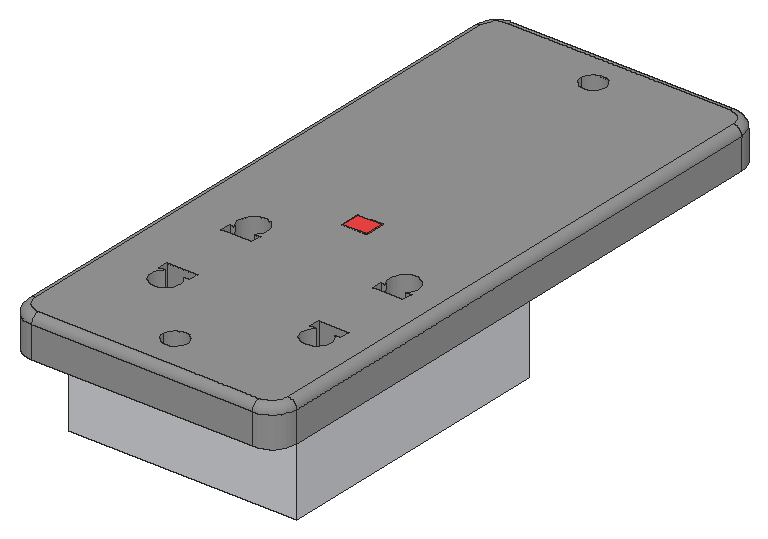
Revit family "ElectricalFixture_WiringAccessories_Hager_Sollysta_ShaverSocket", category Electrical Fixtures, host Face, Revit 2015
Parameters (values of type "WMSO100")
  Warranty ID = ""
  Voltage (Volts) = "230V/240V"
  Unique Reference = "WMSO100"
  Type = "ElectricalFixture"
  Technical Description = Description  # "115/230VoltShaverOutlet"
  Switch = yes
  Supply Phase = "1"
  Size = ""
  Shipping Weight kg = "0.188"
  Shape = "Rectangular"
  Reference Standard = "BS 1363-2"
  Product URL = "http://www.hager.co.uk/product-catalogue/wiring-accessories/sollysta/white-moulded/white-moulded-sockets/58428.htm"
  Product Range = "Sollysta"
  Product Model Number = "WMSO100"
  Product Literature = "http://www.hager.co.uk/product-catalogue/wiring-accessories/sollysta/38662.htm"
  Product Group = "WiringAccessories"
  Product Family = "WhiteMouldedSockets_ShaverSocket"
  Packaging Recyclable = yes
  Overall Width = 86.0 mm
  Overall Length = 65.0 mm
  Overall Height = 146.0 mm
  Overall Depth = 26.07 mm
  Operation and Maintenance Manual = ""
  Name = "WhiteMouldedSocket_WMSO100"
  Measurement Units = "mm"
  Material = Urea Formaldehyde Thermoset Plastic
  Manufacturer Website = "http://www.hager.co.uk/"
  Manufacturer Country = "United Kingdom"
  Manufacturer = "Hager"
  LED Indicator Switch = yes
  Gross Weight kg = "0.165"
  Frequency = "50/60Hz"
  Finish = "Gloss"
  Features = Description  # "115/230VoltShaverOutlet"
  Extrusion From Wall = 12.61 mm
  Expected Life = "25 years"
  EAN Code = "5015652261728"
  Distance From Edge = 63.59 mm
  Distance From Centre = 22.393 mm
  Design Country = "China"
  Description = "115/230VoltShaverOutlet"
  Default Elevation = 1219.2 mm
  Colour = "SollystaWhite"
  CE Approval = yes
Types (3, lengths in mm): name | Unique Reference | Technical Description | Product Model Number | Product Family | Name | Features | EAN Code | Description
  WMCC50 | "WMSS82" | "2GangDoublePoleSwitchedSocketDualEarth" | "WMSS82" | "WhiteMoldedSockets" | "WhiteMoldedSocket_WMSS82" | "2GangDoublePoleSwitchedSocketDualEarth" | "5015652261117" | "2GangDoublePoleSwitchedSocketDualEarth"
  WMSO100 | "WMSO100" | "115/230VoltShaverOutlet" | "WMSO100" | "WhiteMouldedSockets_ShaverSocket" | "WhiteMouldedSocket_WMSO100" | "115/230VoltShaverOutlet" | "5015652261728" | "115/230VoltShaverOutlet"
  WMCC50N | "WMSS82" | "2GangDoublePoleSwitchedSocketDualEarth" | "WMSS82" | "WhiteMoldedSockets" | "WhiteMoldedSocket_WMSS82" | "2GangDoublePoleSwitchedSocketDualEarth" | "5015652261117" | "2GangDoublePoleSwitchedSocketDualEarth"
Reference planes
  plane 1 "Center (Front/Back)": y = 0
  plane 2: z = 0
  plane 3 "Center (Left/Right)": x = 0
  plane 4: y = -73
  plane 5: y = 73
  plane 6: x = -32.5
  plane 7: x = 32.5
  plane 8: z = 9.47
  plane 9: z = -16.6
  plane 10: z = 12.61
  plane 11: y = -471.393
  plane 12: z = -20.53
  plane 13: y = -63
  plane 14: y = 63
Forms (mm)
  Sweep 1, void
    path origin (0, 0, 0) x (1, 0, 0) y (0, 1, 0)
      loop
        arc (26.646, -73) -> (30.785, -71.285) -> (32.5, -67.146) r 5.854
        line (32.5, -67.146) -> (32.5, 67.146)
        arc (32.5, 67.146) -> (30.785, 71.285) -> (26.646, 73) r 5.854
        line (26.646, 73) -> (-26.646, 73)
        arc (-26.646, 73) -> (-30.785, 71.285) -> (-32.5, 67.146) r 5.854
        line (-32.5, 67.146) -> (-32.5, -67.146)
        arc (-32.5, -67.146) -> (-30.785, -71.285) -> (-26.646, -73) r 5.854
        line (-26.646, -73) -> (26.646, -73)
    profile origin (0, -73, 0) x (0, -1, 0) y (0, 0, 1)
      loop
        line (0, 9.47) -> (-2, 9.47)
        arc (-2, 9.47) -> (-0.586, 8.884) -> (0, 7.47) r 2
        line (0, 7.47) -> (0, 9.47)
  Extrusion 2, solid, material "Urea Formaldehyde Thermoset Plastic", detail levels medium
    sketch origin (0, 0, 0) x (1, 0, 0) y (0, 1, 0)
      loop
        line (-32.5, 73) -> (-32.5, -73) -> (32.5, -73) -> (32.5, 73) -> (-32.5, 73)
    from 0 to 9.47
  Extrusion 3, solid, material "Urea Formaldehyde Thermoset Plastic", detail levels medium+fine
    sketch origin (0, 0, 0) x (1, 0, 0) y (0, 1, 0)
      loop
        line (-32.5, 67.146) -> (-32.5, -67.146)
        arc (-32.5, -67.146) -> (-30.785, -71.285) -> (-26.646, -73) r 5.854
        line (-26.646, -73) -> (26.646, -73)
        arc (26.646, -73) -> (30.785, -71.285) -> (32.5, -67.146) r 5.854
        line (32.5, -67.146) -> (32.5, 67.146)
        arc (32.5, 67.146) -> (30.785, 71.285) -> (26.646, 73) r 5.854
        line (26.646, 73) -> (-26.646, 73)
        arc (-26.646, 73) -> (-30.785, 71.285) -> (-32.5, 67.146) r 5.854
      loop
        circle (0, 63) r 3
      loop
        circle (0, -63) r 3
      loop
        arc (-13.375, -22.314) -> (-15.793, -16.263) -> (-18.138, -22.342) r 3.5
        line (-18.138, -22.342) -> (-19.487, -22.342) -> (-19.487, -24.842) -> (-12.06, -24.842) -> (-12.06, -22.314) -> (-13.375, -22.314)
      loop
        line (-13.375, -43.688) -> (-12.06, -43.688) -> (-12.06, -41.159) -> (-19.487, -41.159) -> (-19.487, -43.659) -> (-18.138, -43.659)
        arc (-18.138, -43.659) -> (-15.793, -49.739) -> (-13.375, -43.688) r 3.5
      loop
        line (18.088, -22.024) -> (16.772, -22.024) -> (16.772, -24.553) -> (24.2, -24.553) -> (24.2, -22.053) -> (22.85, -22.053)
        arc (22.85, -22.053) -> (20.505, -15.974) -> (18.088, -22.024) r 3.5
      loop
        arc (18.088, -43.399) -> (20.505, -49.449) -> (22.85, -43.37) r 3.5
        line (22.85, -43.37) -> (24.2, -43.37) -> (24.2, -40.87) -> (16.772, -40.87) -> (16.772, -43.399) -> (18.088, -43.399)
      loop
        line (-3, -9.095) -> (3, -9.095) -> (3, -4.095) -> (-3, -4.095) -> (-3, -9.095)
    from 0 to 9.47
  Extrusion 4, solid, material "LED Indicator", detail levels fine
    sketch origin (0, 0, 0) x (1, 0, 0) y (0, 1, 0)
      loop
        line (-3, -9.095) -> (3, -9.095) -> (3, -4.095) -> (-3, -4.095) -> (-3, -9.095)
    from 0 to 9.47
  Extrusion 5, solid
    sketch origin (0, 0, 0) x (1, 0, 0) y (0, 1, 0)
      loop
        line (-26.991, -61.302) -> (28.009, -61.302) -> (28.009, 8.698) -> (-26.991, 8.698) -> (-26.991, -61.302)
    from -20.53 to 0
Cuts and joins
  Sweep 1 cuts Extrusion 3
Lines and regions (mm)
  symbolic lines, style "ElectricalFixtures", not visible, detail levels coarse
    curve 1: line (73.42, -504.912, 19.451) -> (3.42, -504.912, 19.451)
    curve 2: arc (73.42, -504.912, 19.451) -> (38.42, -504.912, 54.451) -> (3.42, -504.912, 19.451) r 35
    curve 3: circle (38.42, -504.912, 54.451) r 6 normal (0, 1, 0)
    curve 4: line (38.42, -504.912, 54.451) -> (38.42, -504.912, 99.451)
    curve 5: line (38.42, -504.912, 99.451) -> (68.42, -504.912, 99.451)
    curve 6: line (38.42, -504.912, 54.451) -> (10.78, -504.912, 87.391)
    curve 7: line (10.78, -504.912, 87.391) -> (-3.315, -504.912, 75.564)
    curve 8: line (0.509, -504.912, 19.451) -> (-69.491, -504.912, 19.451)
    curve 9: arc (0.509, -504.912, 19.451) -> (-34.491, -504.912, 54.451) -> (-69.491, -504.912, 19.451) r 35
    curve 10: circle (-34.491, -504.912, 54.451) r 6 normal (0, 1, 0)
    curve 11: line (-34.491, -504.912, 54.451) -> (-34.491, -504.912, 99.451)
    curve 12: line (-34.491, -504.912, 99.451) -> (-4.491, -504.912, 99.451)
    curve 13: line (-34.491, -504.912, 54.451) -> (-62.13, -504.912, 87.391)
    curve 14: line (-62.13, -504.912, 87.391) -> (-76.226, -504.912, 75.564)
  model lines
    curve 15: line (-32.5, 67.146, 0) -> (-32.5, -67.146, 0)
    curve 16: line (-26.646, -73, 0) -> (26.646, -73, 0)
    curve 17: arc (-32.5, -67.146, 0) -> (-30.785, -71.285, 0) -> (-26.646, -73, 0) r 5.854
    curve 18: arc (-26.646, 73, 0) -> (-30.785, 71.285, 0) -> (-32.5, 67.146, 0) r 5.854
    curve 19: line (26.646, 73, 0) -> (-26.646, 73, 0)
    curve 20: arc (32.5, 67.146, 0) -> (30.785, 71.285, 0) -> (26.646, 73, 0) r 5.854
    curve 21: line (32.5, -67.146, 0) -> (32.5, 67.146, 0)
    curve 22: arc (26.646, -73, 0) -> (30.785, -71.285, 0) -> (32.5, -67.146, 0) r 5.854
    curve 23: arc (-13.375, -43.688, 0) -> (-15.793, -49.739, 0) -> (-18.138, -43.659, 0) r 3.5
    curve 24: line (-19.487, -41.159, 0) -> (-12.06, -41.159, 0)
    curve 25: line (-12.06, -41.159, 0) -> (-12.06, -43.688, 0)
    curve 26: line (-12.06, -43.688, 0) -> (-13.375, -43.688, 0)
    curve 27: arc (-13.375, -43.688, 0) -> (-15.793, -49.739, 0) -> (-18.138, -43.659, 0) r 3.5
    curve 28: line (-18.138, -43.659, 0) -> (-19.487, -43.659, 0)
    curve 29: line (-19.487, -43.659, 0) -> (-19.487, -41.159, 0)
    curve 30: line (16.772, -40.87, 0) -> (24.2, -40.87, 0)
    curve 31: line (24.2, -40.87, 0) -> (24.2, -43.37, 0)
    curve 32: line (24.2, -43.37, 0) -> (22.85, -43.37, 0)
    curve 33: arc (22.85, -43.37, 0) -> (20.505, -49.449, 0) -> (18.088, -43.399, 0) r 3.5
    curve 34: line (18.088, -43.399, 0) -> (16.772, -43.399, 0)
    curve 35: line (16.772, -43.399, 0) -> (16.772, -40.87, 0)
    curve 36: line (24.2, -24.553, 0) -> (16.772, -24.553, 0)
    curve 37: line (16.772, -24.553, 0) -> (16.772, -22.024, 0)
    curve 38: line (16.772, -22.024, 0) -> (18.088, -22.024, 0)
    curve 39: arc (18.088, -22.024, 0) -> (20.505, -15.974, 0) -> (22.85, -22.053, 0) r 3.5
    curve 40: line (22.85, -22.053, 0) -> (24.2, -22.053, 0)
    curve 41: line (24.2, -22.053, 0) -> (24.2, -24.553, 0)
    curve 42: line (-12.06, -24.842, 0) -> (-19.487, -24.842, 0)
    curve 43: line (-19.487, -24.842, 0) -> (-19.487, -22.342, 0)
    curve 44: line (-19.487, -22.342, 0) -> (-18.138, -22.342, 0)
    curve 45: arc (-18.138, -22.342, 0) -> (-15.793, -16.263, 0) -> (-13.375, -22.314, 0) r 3.5
    curve 46: line (-13.375, -22.314, 0) -> (-12.06, -22.314, 0)
    curve 47: line (-12.06, -22.314, 0) -> (-12.06, -24.842, 0)
    curve 52: arc (3, 63, 0) -> (0, 60, 0) -> (-3, 63, 0) r 3
    curve 53: arc (-3, 63, 0) -> (0, 66, 0) -> (3, 63, 0) r 3
    curve 54: arc (3, -63, 0) -> (0, -66, 0) -> (-3, -63, 0) r 3
    curve 55: arc (-3, -63, 0) -> (0, -60, 0) -> (3, -63, 0) r 3
  model lines, detail levels fine
    curve 48: line (-3, -9.095, 0) -> (3, -9.095, 0)
    curve 49: line (3, -9.095, 0) -> (3, -4.095, 0)
    curve 50: line (3, -4.095, 0) -> (-3, -4.095, 0)
    curve 51: line (-3, -4.095, 0) -> (-3, -9.095, 0)
Dimensions and locks
  plane 10 to plane 9 = 29.21 mm
  plane 8 to plane 9 = 26.07 mm
  plane 2 to plane 9 = 16.6 mm
  "Overall Length": plane 6 to plane 7
  "Overall Height": plane 4 to plane 5
  "Overall Depth": plane 9 to plane 8
  "Extrusion From Wall": plane 2 to plane 10
  plane 8 to plane 12 = 30.0 mm
  equal spacing: plane 4, plane 1 "Center (Front/Back)", plane 5
  equal spacing: plane 6, plane 3 "Center (Left/Right)", plane 7
  aligned and locked: plane 2 to host face
  aligned and locked: level to host face
  aligned and locked: Sweep 1 sketch curve to plane 4
  aligned and locked: Sweep 1 sketch curve to plane 6
  aligned and locked: Sweep 1 sketch curve to plane 5
  aligned and locked: Sweep 1 sketch curve to plane 7
  aligned and locked: Extrusion 2 sketch curve to plane 6
  aligned and locked: Extrusion 2 sketch curve to plane 4
  aligned and locked: Extrusion 2 sketch curve to plane 7
  aligned and locked: Extrusion 2 sketch curve to plane 5
  aligned and locked: Extrusion 2 to plane 8
  aligned and locked: Extrusion 2 to level
  aligned and locked: plane 7 to curve 21
  aligned and locked: Extrusion 3 sketch curve to plane 6
  aligned and locked: Extrusion 3 sketch curve to plane 4
  aligned and locked: Extrusion 3 sketch curve to plane 7
  aligned and locked: Extrusion 3 sketch curve to plane 5
  aligned and locked: Extrusion 3 to plane 8
  aligned and locked: Extrusion 3 sketch curve to Extrusion 4  (x4)
  aligned and locked: cut or joined group of Sweep 1, Extrusion 3 to Extrusion 4
  aligned and locked: curve 23 to cut or joined group of Sweep 1, Extrusion 3
  aligned and locked: plane 12 to Extrusion 5
  aligned and locked: level to Extrusion 5
Automatic sketch dimensions
  host sketch curve to host sketch curve = 2438.4 mm  (x2)
  plane 5 to Sweep 1 sketch curve = 5.854 mm  (x2)
  plane 6 to Sweep 1 sketch curve = 5.854 mm
  Sweep 1 sketch curve to plane 4 = 5.854 mm
  Sweep 1 sketch curve to profile plane = 0.0 mm
  level to Sweep 1 sketch curve = 7.47 mm
  Sweep 1 sketch curve to Sweep 1 sketch curve = 2.0 mm
  curve 15 to plane 6 = 0.0 mm
  plane 4 to curve 16 = 0.0 mm
  plane 5 to curve 18 = 0.0 mm
  curve 17 to plane 4 = 5.854 mm
  plane 5 to curve 18 = 5.854 mm
  curve 20 to curve 20 = 5.854 mm
  curve 22 to plane 4 = 5.854 mm
  Extrusion 4 sketch curve to plane 3 "Center (Left/Right)" = 3.0 mm
  Extrusion 4 sketch curve to Extrusion 4 sketch curve = 6.0 mm
  plane 1 "Center (Front/Back)" to Extrusion 4 sketch curve = 9.095 mm
  plane 1 "Center (Front/Back)" to Extrusion 4 sketch curve = 4.095 mm
  Extrusion 3 sketch curve to plane 3 "Center (Left/Right)" = 0.0 mm  (x2)
  Extrusion 3 sketch curve to plane 13 = 0.0 mm
  Extrusion 3 sketch curve to plane 14 = 0.0 mm
  plane 6 to Extrusion 3 sketch curve = 5.854 mm  (x2)
  plane 6 to Extrusion 3 sketch curve = 13.013 mm  (x2)
  Extrusion 3 sketch curve to Extrusion 3 sketch curve = 1.35 mm  (x4)
  Extrusion 3 sketch curve to Extrusion 3 sketch curve = 2.366 mm  (x4)
  Extrusion 3 sketch curve to Extrusion 3 sketch curve = 2.396 mm  (x4)
  Extrusion 3 sketch curve to Extrusion 3 sketch curve = 1.316 mm  (x4)
  Extrusion 3 sketch curve to plane 7 = 15.728 mm  (x2)
  Extrusion 3 sketch curve to plane 7 = 5.854 mm
  plane 14 to Extrusion 3 sketch curve = 4.146 mm
  plane 13 to Extrusion 3 sketch curve = 16.761 mm
  plane 13 to Extrusion 3 sketch curve = 17.051 mm
  Extrusion 3 sketch curve to Extrusion 3 sketch curve = 2.551 mm  (x2)
  Extrusion 3 sketch curve to Extrusion 3 sketch curve = 2.5 mm  (x4)
  Extrusion 3 sketch curve to Extrusion 3 sketch curve = 16.317 mm  (x2)
  Extrusion 3 sketch curve to Extrusion 3 sketch curve = 2.529 mm  (x2)
  curve 23 to curve 23 = 2.366 mm
  curve 23 to curve 23 = 2.396 mm
  curve 23 to curve 27 = 0.0 mm
  curve 28 to curve 27 = 1.35 mm
  curve 26 to curve 25 = 1.316 mm
  curve 28 to curve 29 = 2.5 mm
  curve 35 to plane 7 = 15.728 mm
  curve 34 to curve 34 = 1.316 mm
  curve 33 to curve 33 = 2.396 mm
  curve 33 to curve 32 = 2.366 mm
  curve 32 to curve 31 = 1.35 mm
  plane 13 to curve 33 = 17.051 mm
  curve 33 to curve 35 = 2.551 mm
  curve 34 to curve 35 = 2.529 mm
  curve 36 to plane 7 = 15.728 mm
  curve 38 to curve 38 = 1.316 mm
  curve 38 to curve 39 = 2.396 mm
  curve 39 to curve 40 = 2.366 mm
  curve 40 to curve 41 = 1.35 mm
  curve 30 to curve 36 = 16.317 mm
  curve 36 to curve 41 = 2.5 mm
  curve 36 to curve 38 = 2.529 mm
  plane 6 to curve 43 = 13.013 mm
  curve 43 to curve 44 = 1.35 mm
  curve 45 to curve 45 = 2.366 mm
  curve 45 to curve 46 = 2.396 mm
  curve 45 to curve 46 = 1.316 mm
  curve 24 to curve 42 = 16.317 mm
  curve 42 to curve 43 = 2.5 mm
  curve 42 to curve 47 = 2.529 mm
  curve 51 to plane 3 "Center (Left/Right)" = 3.0 mm
  plane 3 "Center (Left/Right)" to curve 49 = 3.0 mm
  plane 1 "Center (Front/Back)" to curve 48 = 9.095 mm
  plane 1 "Center (Front/Back)" to curve 50 = 4.095 mm
  curve 53 to plane 14 = 0.0 mm
  curve 52 to plane 3 "Center (Left/Right)" = 0.0 mm
  curve 53 to curve 52 = 3.0 mm
  curve 54 to curve 55 = 0.0 mm  (x2)
  curve 55 to plane 13 = 0.0 mm
  curve 54 to plane 3 "Center (Left/Right)" = 0.0 mm
  curve 55 to curve 54 = 3.0 mm
  plane 6 to Extrusion 5 sketch curve = 5.509 mm
  Extrusion 5 sketch curve to plane 7 = 4.491 mm
  plane 13 to Extrusion 5 sketch curve = 1.698 mm
  Extrusion 5 sketch curve to plane 1 "Center (Front/Back)" = 8.698 mm
  radius of Extrusion 3 sketch curve = 3.0 mm  (x2)
Nested families
  nested 1: "LED Switch" at (115.776, 36.364, 0), type "LED Switch"
  nested 2: "LED Switch" at (-1946.613, 203, 0), type "LED Switch"
Connectors
  electrical at (0, 0, 0)
    settings: on cut or joined group of Sweep 1, Extrusion 3, index 1, voltage 230 V, apparent load 0 VA, apparent load phase1 0 VA, apparent load phase2 0 VA, apparent load phase3 0 VA, power factor 1, load classification "Other", number of poles 1, system type 31, power factor state 1, is connector primary yes, connector utility no, sub classification motor no, connector description ""
Definition of nested family "LED Switch"
  Parameters (values of type "LED Switch")
    LED Indicator Switch = no
  Reference planes
    plane 1 "Center (Front/Back)": y = 0
    plane 2: z = 0
    plane 3 "Center (Left/Right)": x = 0
  Forms (mm)
    Extrusion 1, solid, visible <- "LED Indicator Switch", detail levels fine
      sketch origin (-4.952, -17.415, 4.745) x (-1, 0, 0) y (0, -0.987688, 0.156434)
        loop
          line (-2.778, -29.269) -> (-7.654, -29.269) -> (-7.654, -32.25) -> (-2.778, -32.25) -> (-2.778, -29.269)
      from 0 to 8.633
    Extrusion 2, solid, visible <- "LED Indicator Switch", detail levels fine
      sketch origin (-74.952, -18.168, 4.067) x (-1, 0, 0) y (0, -0.987688, 0.156434)
        loop
          line (-82.054, -8.53) -> (-82.054, -29.653)
          arc (-82.054, -29.653) -> (-81.106, -31.94) -> (-78.819, -32.888) r 3.235
          line (-78.819, -32.888) -> (-77.654, -32.888) -> (-77.654, -29.907) -> (-75.259, -29.907) -> (-72.778, -29.907) -> (-72.778, -32.888) -> (-71.698, -32.888)
          arc (-71.698, -32.888) -> (-69.359, -31.919) -> (-68.39, -29.58) r 3.308
          line (-68.39, -29.58) -> (-68.39, -8.616)
          arc (-68.39, -8.616) -> (-69.351, -6.296) -> (-71.671, -5.335) r 3.281
          line (-71.671, -5.335) -> (-78.859, -5.335)
          arc (-78.859, -5.335) -> (-81.118, -6.271) -> (-82.054, -8.53) r 3.194
      from 0 to 9.42
  Dimensions and locks
    aligned and locked: level to plane 2
